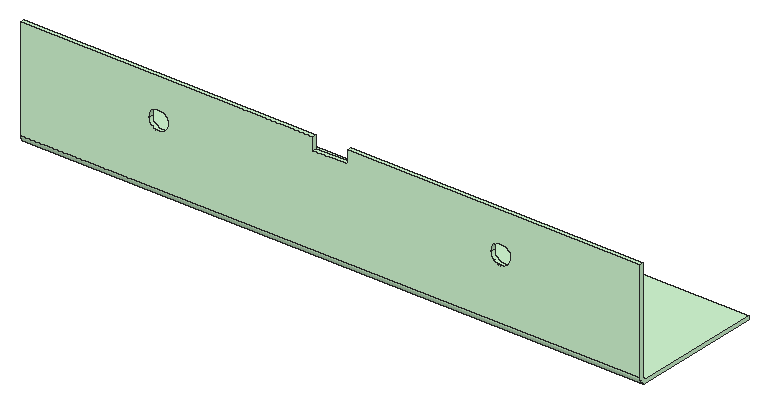
Revit family "30lbar_strightj_el3025", category 機械設備, Revit 2022
Family settings
  丸型コネクタ寸法 = 直径を使用
  種別 = なし
  パーツ タイプ = 標準
  作業面ベース = いいえ
  常に垂直 = はい
  ロード時にボイドで切り取り = いいえ
  注釈の向きを維持 = いいえ
  共有 = いいえ
  部屋計算ポイント = いいえ
Parameters
  製造元 = "株式会社桐井製作所"
  既定の高さ = 0 mm
  URL = "https://www.kirii.co.jp/"
  K_材質 = "溶融亜鉛めっき鋼板及び鋼帯 SGCC 一般用"
  K_品名 = "30LバーストレートJ-eL3025(ビス)"
  K_名称 = "Lバージョイント"
  K_入数 = "500"
  K_備考 = "対象Lバー:eL3025(30面)"
  K_バージョン情報 = "20220915"
  K_めっき付着量 = "Z12"
  K_JIS規格 = "JIS G 3302"
Reference planes
  plane 1 "中心(正面/背面)": y = 0
  plane 2: z = 0
  plane 3 "中心(左/右)": x = 0
Forms (mm)
  Extrusion 1, solid
    sketch origin (0, 0, 0) x (0, 1, 0) y (0, 0, 1)
      loop
        line (0.8, 22) -> (0, 22) -> (0, 1.5)
        arc (0, 1.5) -> (0.439, 0.439) -> (1.5, 0) r 1.5
        line (1.5, 0) -> (27.3, 0) -> (27.3, 0.8) -> (1.5, 0.8)
        arc (1.5, 0.8) -> (1.005, 1.005) -> (0.8, 1.5) r 0.7
        line (0.8, 1.5) -> (0.8, 22)
    from -62.5 to 62.5
  Extrusion 2, void
    sketch origin (0, 0, 4.5) x (1, 0, 0) y (0, 0, 1)
      loop
        line (3.5, 15) -> (3.5, 17.5) -> (-3.5, 17.5) -> (-3.5, 15) -> (3.5, 15)
      loop
        circle (-34.5, 9.5) r 2
      loop
        circle (34.5, 9.5) r 2
    from -0.8 to 0
  Extrusion 3, void
    sketch origin (0, 5.3, 0) x (1, 0, 0) y (0, 1, 0)
      loop
        line (3.5, 19.5) -> (3.5, 22) -> (-3.5, 22) -> (-3.5, 19.5) -> (3.5, 19.5)
    from 0 to 0.8
Cuts and joins
  Extrusion 2, Extrusion 3 cuts Extrusion 1
Dimensions and locks
  aligned and locked: level to plane 2
